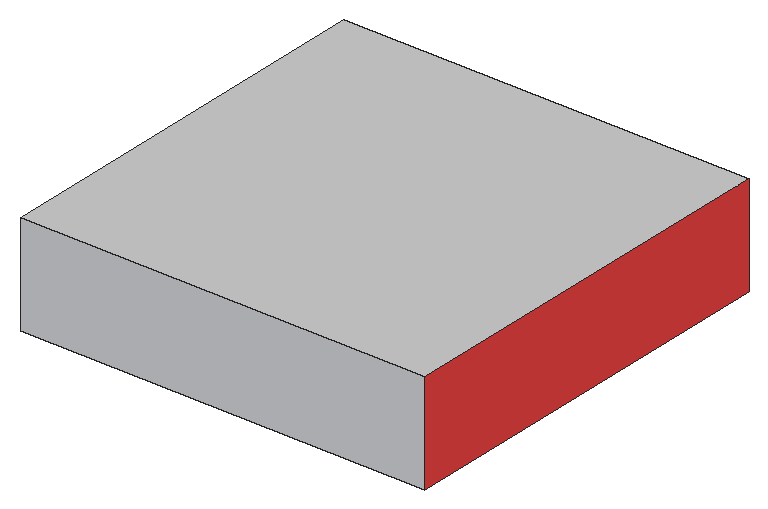
Revit family "GRIFO DE LAVABO ALTO KARIM DUE sin desagüe automatico", category Aparatos sanitarios, Revit 2015
Parameters (values of type "88944500")
  URL = "http://www.griferiasgalindo.com/lavabo/karim-due/grifo-de-lavabo-alto-karim-due?c=es"
  Teléfono = "(+34) 915 782 575"
  TIPO DE AGUA = "Fria/Caliente"
  REFERENCIA = "88944500"
  Presión Máxima = "5 bar"
  PESO BRUTO = ""
  Modelo = "KARIM DUE"
  Material = LATON CROMADO
  Imagen de tipo = <Ninguno>
  Fabricante = "PRESTO IBÉRICA"
  Default Elevation = 1219.2 mm
  ENTRADA = "Con latiguillos flexibles de 3/8”"
  Descripción = "Grifo monomando de lavabo alto. Esta serie de diseño tubular con cuerpo consistente y ergonomía funcional, proporciona una mezcla de estética sencilla y funcionalidad apta para todo tipo de usuarios y ambientes de baño. KARIM aporta el sistema de ahorro de agua Flowing Ecosystem con sistema de doble posición de maneta que permite ahorrar hasta un 50 % de agua. Estético, moderno, funcional y ecológico, así es KARIM DUE."
  Código de montaje = "C1030220"
  Contacto = "info@prestoiberica.com"
  Conexión AF = yes
  Conexión AC = yes
  Comentarios de tipo = "◦Grifo monomando de lavabo alto ecológico\r\n◦Acabado Cromo\r\n◦Disponible: sin o con Desagüe automático\r\n◦Cartucho con discos cerámicos de diámetro 40 mm\r\n◦Tubos de alimentación flexibles 3/8\" y longitud 65 cm"
  CIERRE = ""
  CAUDAL = "8,5 l/min a 3 bar"
  Accionamiento = "Por maneta"
Reference planes
  plane 1 "Centro (Frontal/Posterior)": y = 0
  plane 2: z = 0
  plane 3 "Centro (Izquierda/Derecha)": x = 0
Forms (mm)
  Extrusion 1, solid
    sketch origin (0, 0, 0) x (1, 0, 0) y (0, 1, 0)
      loop
        line (-100, 100) -> (-100, -100) -> (100, -100) -> (100, 100) -> (-100, 100)
    from 0 to -50
Dimensions and locks
  Extrusion 1 sketch curve to plane 1 "Centro (Frontal/Posterior)" = 100 mm
  aligned and locked: plane 2 to Extrusion 1
  aligned and locked: level to Extrusion 1
Connectors
  piping at (0, 0, 0), diameter 9.5
    settings: on import instance, index 1, connector inside diameter 609.6 mm, connector length 0 mm, flow factor 0, pipe flow 0.0 L/s, pressure drop 0.0 Pa, fitting loss kfactor 0, connector angle 0.00°, fixture units 0, engagement length 0 mm, angle of deflection 0.00°, flow configuration 0, flow direction 1, fitting loss method 0, system type 7, joint type 0, gender type 0, connector reference index -1, connector utility 0, adjustable connector no, is connector primary yes, connector description ""
